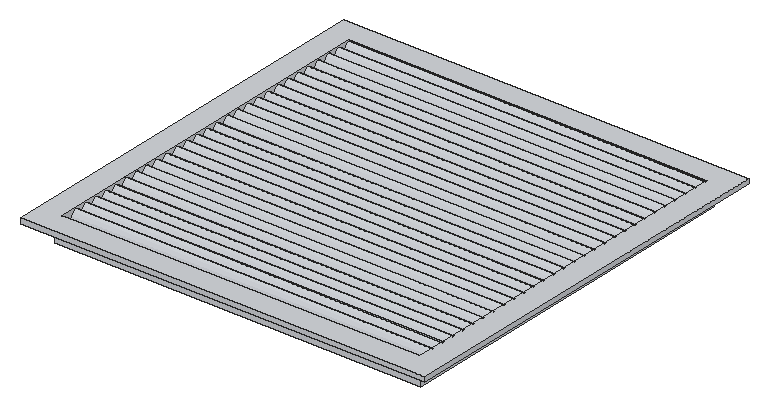
Revit family "R-1", category Mechanical Equipment, host Face, Revit 2025
Family settings
  Host = Face
  Round Connector Dimension = Use Diameter
  Classification = None
  Part Type = Normal
  Cut with Voids When Loaded = Yes
  Maintain Annotation Orientation = No
  Shared = No
  Room Calculation Point = No
Parameters
  x = S - 1"  # 21 1/4"
  S - 3/4" = (S - 3/4") / 2  # 10 3/4"
  Flow = 0 CFM
  D' [instance] = D / 2  # 8"
  S - 1/2" = (S - 1/2") / 2  # 10 7/8"
  S + 1 3/4" = (S + 1 3/4") / 2  # 12"
  S = 22 1/4"
  Default Elevation = 48"
  D [instance] = 16"
  Blade Count = rounddown(S / (3/4")) - 1  # 28
Reference planes (in)
  plane 1 "Center (Front/Back)": y = 0
  plane 2: z = 0
  plane 3 "Center (Left/Right)": x = 0
  plane 4: y = 10.625
  plane 5: y = -10.625
  plane 6: x = 0
  plane 7: y = 0
Forms (in)
  Sweep 1, solid, detail levels medium+fine
    path origin (0, 0, 0) x (1, 0, 0) y (0, 1, 0)
      loop
        line (-11.125, 11.125) -> (-11.125, -11.125) -> (11.125, -11.125) -> (11.125, 11.125) -> (-11.125, 11.125)
    profile origin (0, 11.125, 0) x (0, 1, 0) y (0, 0, 1)
      loop
        line (-0.5, 0.125) -> (-0.5, -1.125) -> (-0.375, -1.125) -> (-0.375, 0) -> (0.75, 0) -> (0.75, -0.15671) -> (0.875, -0.15671) -> (0.875, 0.125) -> (-0.5, 0.125)
      loop
        line (-0.33748, -0.875) -> (-0.33748, -1.17973) -> (-3.25, -1.17973) -> (-3.25, -2.75) -> (-2.69819, -2.75) -> (-2.69819, -2.625) -> (-3.125, -2.625) -> (-3.125, -1.30473) -> (-0.25, -1.30473) -> (-0.25, -0.875) -> (-0.33748, -0.875)
  Extrusion 2, void
    sketch origin (0, 0, 0) x (1, 0, 0) y (0, 1, 0)
      loop
        line (-11.625, 11.625) -> (-11.625, -11.625) -> (11.625, -11.625) -> (11.625, 11.625) -> (-11.625, 11.625)
    from -0.875 to 0.37471
Lines and regions (in)
  symbolic lines, not visible
    curve 1: line (-18.4983, 15.79612, 0) -> (19.7517, 15.79612, 0)
    curve 2: line (-18.4983, -20.95388, 0) -> (-18.4983, 15.79612, 0)
    curve 3: line (19.7517, -20.95388, 0) -> (-18.4983, -20.95388, 0)
    curve 4: line (19.7517, 15.79612, 0) -> (19.7517, -20.95388, 0)
Dimensions and locks (in)
  equal spacing: Sweep 1 sketch curve, plane 3 "Center (Left/Right)", Sweep 1 sketch curve
  equal spacing: Sweep 1 sketch curve, plane 1 "Center (Front/Back)", Sweep 1 sketch curve
  "S": Sweep 1 sketch curve to Sweep 1 sketch curve  (x2)
  "S - 3/4"": plane 1 "Center (Front/Back)" to Sweep 1 sketch curve
  "S - 1/2"": plane 1 "Center (Front/Back)" to Sweep 1 sketch curve
  "S + 1 3/4"": plane 1 "Center (Front/Back)" to Sweep 1 sketch curve
  Sweep 1 sketch curve to plane 2 = 1 1/8"
  Sweep 1 sketch curve to Sweep 1 sketch curve = 2 7/8"
  "D'": plane 1 "Center (Front/Back)" to Sweep 1 sketch curve
  Sweep 1 sketch curve to Sweep 1 sketch curve = 1/8"  (x5)
  Sweep 1 sketch curve to Sweep 1 sketch curve = 0.28171"
  equal spacing: plane 5, plane 1 "Center (Front/Back)", plane 4
  "x": plane 5 to plane 4
  aligned and locked: plane 2 to host face
  aligned and locked: level to host face
  aligned and locked: nested 1 to plane 4
  aligned and locked: plane 5 to nested 1
  aligned and locked: plane 1 "Center (Front/Back)" to nested 2
Automatic sketch dimensions
  host sketch curve to host sketch curve = 96"  (x2)
  Extrusion 2 sketch curve to plane 3 "Center (Left/Right)" = 11 5/8"
  plane 3 "Center (Left/Right)" to Extrusion 2 sketch curve = 11 5/8"
  plane 1 "Center (Front/Back)" to Extrusion 2 sketch curve = 11 5/8"
  Extrusion 2 sketch curve to plane 1 "Center (Front/Back)" = 11 5/8"
  Sweep 1 sketch curve to level = 0"
  Sweep 1 sketch curve to Sweep 1 sketch curve = 0.42681"
  Sweep 1 sketch curve to Sweep 1 sketch curve = 0.08748"
  Sweep 1 sketch curve to Sweep 1 sketch curve = 1/8"
  Sweep 1 sketch curve to level = 1.30473"
  Sweep 1 sketch curve to Sweep 1 sketch curve = 1/4"
Nested families (in)
  nested 1: "Blades" at (0, 10.625, -0.88439) x (0, -1, 0) z (0, 0, 1), type "Family2", detail levels medium+fine
    with Width 21 1/4", built-in parameter 1001306 1.7708 (stored number, unit not read), Count 28
  nested 2: "Family4" at (0, 0, 0), type "Family4", detail levels coarse
Connectors (in)
  hvac at (0, 0, -2.75), driven by "D", driven by "D", driven by "Flow"
    settings: on Sweep 1, index 1, duct flow 0 CFM, flow factor 0, pres drop 0.00 in-wg, loss coef 0, conn angle 0.00°, conn width 16", conn height 16", conn diameter 24", duct sys type 1, conn prof type 1, flow config 0, flow direction 0, loss method 4, conn ref index -1, conn util no, is conn primary yes, conn desc ""
Definition of nested family "Blades"
  Parameters (values of type "Family2")
    Width [instance] = 27.05847"
    built-in parameter 1001306 [instance] = Width  # 27.05847"
    Default Elevation = 0"
    Count [instance] = round([built-in parameter 1001306] / (3/4"))  # 36
  Reference planes (in)
    plane 1 "Center (Front/Back)": y = 0
    plane 2: z = 0
    plane 3 "Left": x = 0
    plane 4 "Right": x = 27.05847
    plane 5: x = 27.05847
  Lines and regions (in)
    reference lines
      curve 1: line (0, 0, 0) -> (27.05847, 0, 0)
  Dimensions and locks (in)
    "built-in parameter 1001306": plane 3 "Left" to plane 4 "Right"
    equal spacing: group 1, group 2, group 3, group 4, group 5, group 6, group 7, group 8, group 9, group 10, group 11, group 12, group 13, group 14, group 15, group 16, group 17, group 18, group 19, group 20, group 21, group 22, group 23, group 24, group 25, group 26, group 27, group 28, group 29, group 30, group 31, group 32, group 33, group 34, group 35, group 36  (x3)
    aligned and locked: plane 4 "Right" to curve 1
    aligned and locked: plane 1 "Center (Front/Back)" to curve 1
    aligned and locked: plane 3 "Left" to curve 1
    aligned and locked: level to plane 2
    aligned and locked: plane 5 to plane 4 "Right"
  Nested families (in)
    nested 1: "Family3" at (0, 0, 0) x (0, 1, 0) z (0, 0, 1), type "Family3"
      with Width 27.05847"
    nested 2: "Family3" at (0.75, 0, 0) x (0, 1, 0) z (0, 0, 1), type "Family3"
      with Width 27.05847"
    nested 3: "Family3" at (1.5, 0, 0) x (0, 1, 0) z (0, 0, 1), type "Family3"
      with Width 27.05847"
    nested 4: "Family3" at (2.25, 0, 0) x (0, 1, 0) z (0, 0, 1), type "Family3"
      with Width 27.05847"
    nested 5: "Family3" at (3, 0, 0) x (0, 1, 0) z (0, 0, 1), type "Family3"
      with Width 27.05847"
    nested 6: "Family3" at (3.75, 0, 0) x (0, 1, 0) z (0, 0, 1), type "Family3"
      with Width 27.05847"
    nested 7: "Family3" at (4.5, 0, 0) x (0, 1, 0) z (0, 0, 1), type "Family3"
      with Width 27.05847"
    nested 8: "Family3" at (5.25, 0, 0) x (0, 1, 0) z (0, 0, 1), type "Family3"
      with Width 27.05847"
    nested 9: "Family3" at (6, 0, 0) x (0, 1, 0) z (0, 0, 1), type "Family3"
      with Width 27.05847"
    nested 10: "Family3" at (6.75, 0, 0) x (0, 1, 0) z (0, 0, 1), type "Family3"
      with Width 27.05847"
    nested 11: "Family3" at (7.5, 0, 0) x (0, 1, 0) z (0, 0, 1), type "Family3"
      with Width 27.05847"
    nested 12: "Family3" at (8.25, 0, 0) x (0, 1, 0) z (0, 0, 1), type "Family3"
      with Width 27.05847"
    nested 13: "Family3" at (9, 0, 0) x (0, 1, 0) z (0, 0, 1), type "Family3"
      with Width 27.05847"
    nested 14: "Family3" at (9.75, 0, 0) x (0, 1, 0) z (0, 0, 1), type "Family3"
      with Width 27.05847"
    nested 15: "Family3" at (10.5, 0, 0) x (0, 1, 0) z (0, 0, 1), type "Family3"
      with Width 27.05847"
    nested 16: "Family3" at (11.25, 0, 0) x (0, 1, 0) z (0, 0, 1), type "Family3"
      with Width 27.05847"
    nested 17: "Family3" at (12, 0, 0) x (0, 1, 0) z (0, 0, 1), type "Family3"
      with Width 27.05847"
    nested 18: "Family3" at (12.75, 0, 0) x (0, 1, 0) z (0, 0, 1), type "Family3"
      with Width 27.05847"
    nested 19: "Family3" at (13.5, 0, 0) x (0, 1, 0) z (0, 0, 1), type "Family3"
      with Width 27.05847"
    nested 20: "Family3" at (14.25, 0, 0) x (0, 1, 0) z (0, 0, 1), type "Family3"
      with Width 27.05847"
    nested 21: "Family3" at (15, 0, 0) x (0, 1, 0) z (0, 0, 1), type "Family3"
      with Width 27.05847"
    nested 22: "Family3" at (15.75, 0, 0) x (0, 1, 0) z (0, 0, 1), type "Family3"
      with Width 27.05847"
    nested 23: "Family3" at (16.5, 0, 0) x (0, 1, 0) z (0, 0, 1), type "Family3"
      with Width 27.05847"
    nested 24: "Family3" at (17.25, 0, 0) x (0, 1, 0) z (0, 0, 1), type "Family3"
      with Width 27.05847"
    nested 25: "Family3" at (18, 0, 0) x (0, 1, 0) z (0, 0, 1), type "Family3"
      with Width 27.05847"
    nested 26: "Family3" at (18.75, 0, 0) x (0, 1, 0) z (0, 0, 1), type "Family3"
      with Width 27.05847"
    nested 27: "Family3" at (19.5, 0, 0) x (0, 1, 0) z (0, 0, 1), type "Family3"
      with Width 27.05847"
    nested 28: "Family3" at (20.25, 0, 0) x (0, 1, 0) z (0, 0, 1), type "Family3"
      with Width 27.05847"
    nested 29: "Family3" at (21, 0, 0) x (0, 1, 0) z (0, 0, 1), type "Family3"
      with Width 27.05847"
    nested 30: "Family3" at (21.75, 0, 0) x (0, 1, 0) z (0, 0, 1), type "Family3"
      with Width 27.05847"
    nested 31: "Family3" at (22.5, 0, 0) x (0, 1, 0) z (0, 0, 1), type "Family3"
      with Width 27.05847"
    nested 32: "Family3" at (23.25, 0, 0) x (0, 1, 0) z (0, 0, 1), type "Family3"
      with Width 27.05847"
    nested 33: "Family3" at (24, 0, 0) x (0, 1, 0) z (0, 0, 1), type "Family3"
      with Width 27.05847"
    nested 34: "Family3" at (24.75, 0, 0) x (0, 1, 0) z (0, 0, 1), type "Family3"
      with Width 27.05847"
    nested 35: "Family3" at (25.5, 0, 0) x (0, 1, 0) z (0, 0, 1), type "Family3"
      with Width 27.05847"
    nested 36: "Family3" at (26.25, 0, 0) x (0, 1, 0) z (0, 0, 1), type "Family3"
      with Width 27.05847"
  Definition of nested family "Family3"
    Parameters
      Width = 51.16047"
      Default Elevation = 0"
    Reference planes (in)
      plane 1 "Center (Front/Back)": y = 0
      plane 2: z = 0
      plane 3 "Center (Left/Right)": x = 0
      plane 4: x = -25.58024
      plane 5: x = 25.58024
      plane 6: y = 0.48061
      plane 7: y = 0
    Forms (in)
      Extrusion 1, solid
        sketch origin (0, 0, 0) x (0, 1, 0) y (0, 0, 1)
          loop
            spline (0, 0.97814) -> (0.06956, 0.94089) -> (0.13307, 0.8956) -> (0.19053, 0.84226) -> (0.24194, 0.78087) -> (0.28731, 0.71143) -> (0.32662, 0.63394) -> (0.35989, 0.54841) -> (0.38711, 0.45482) -> (0.40828, 0.35319) -> (0.4234, 0.24351) -> (0.43247, 0.12578) -> (0.4355, 0)
            line (0.4355, 0) -> (0.48061, 0)
            spline (0.48061, 0) -> (0.47971, 0.1242) -> (0.47254, 0.24097) -> (0.4591, 0.35031) -> (0.4394, 0.45221) -> (0.41343, 0.54669) -> (0.38119, 0.63374) -> (0.34268, 0.71336) -> (0.29791, 0.78555) -> (0.24686, 0.85031) -> (0.18956, 0.90763) -> (0.12598, 0.95753) -> (0.05613, 1)
            line (0.05613, 1) -> (0, 0.97814)
        from -25.58024 to 25.58024
    Dimensions and locks (in)
      equal spacing: plane 4, plane 3 "Center (Left/Right)", plane 5
      "Width": plane 4 to plane 5
      aligned and locked: plane 2 to level
      aligned and locked: Extrusion 1 to plane 4
      aligned and locked: Extrusion 1 to plane 5
      aligned and locked: plane 6 to Extrusion 1
    Automatic sketch dimensions
      Extrusion 1 sketch curve to plane 1 "Center (Front/Back)" = 0"
      Extrusion 1 sketch curve to level = 0"
      Extrusion 1 sketch curve to plane 1 "Center (Front/Back)" = 0.05613"
      Extrusion 1 sketch curve to plane 1 "Center (Front/Back)" = 0.4355"
      Extrusion 1 sketch curve to Extrusion 1 sketch curve = 0.04511"
      level to Extrusion 1 sketch curve = 0.97814"
      Extrusion 1 sketch curve to Extrusion 1 sketch curve = 0.02186"
Definition of nested family "Family4"
  Parameters
    Size = 24"
    Default Elevation = 0"
  Reference planes (in)
    plane 1 "Center (Front/Back)": y = 0
    plane 2: z = 0
    plane 3 "Center (Left/Right)": x = 0
  Lines and regions (in)
    symbolic lines
      curve 1: line (-12, 12, 0) -> (12, 12, 0)
      curve 2: line (-12, -12, 0) -> (-12, 12, 0)
      curve 3: line (12, -12, 0) -> (-12, -12, 0)
      curve 4: line (12, 12, 0) -> (12, -12, 0)
      curve 5: line (-12, 12, 0) -> (12, -12, 0)
  Dimensions and locks (in)
    equal spacing: curve 2, plane 3 "Center (Left/Right)", curve 4
    equal spacing: curve 3, plane 1 "Center (Front/Back)", curve 1
    "Size": curve 3 to curve 1
    "Size": curve 2 to curve 4
    aligned and locked: plane 2 to level
